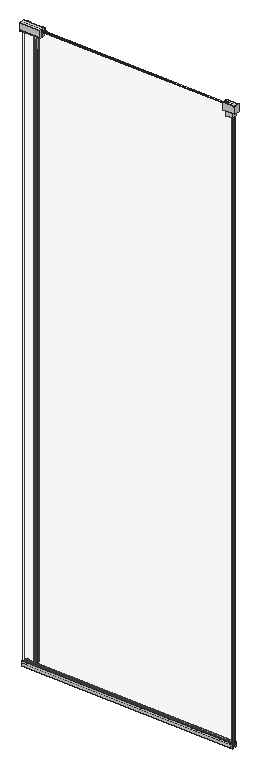
Revit family "Shower-Side_Panel-KOHLER-COMPOSED-1.1922.023_1", category Specialty Equipment, host Face, Revit 2017
Family settings
  Host = Face
  Round Connector Dimension = Use Diameter
  Part Type = Normal
  OmniClass Number = 23.31.17.17
  OmniClass Title = Shower Enclosures
  Cut with Voids When Loaded = No
  Shared = No
  Room Calculation Point = No
Parameters (values of type "Polished Chrome")
  Width [instance] = 28.93701"
  WaterSense Certified = 1 = 0  # no
  URL = "https://www.kohler.co.uk/"
  Type = 1
  Product Page URL = ""
  Product Name = "COMPOSED"  # constant formula
  Product Documentation Link = ""
  Model = "1.1922.023"  # constant formula
  Material = "Premium Metal Construction"  # constant formula
  Master Format 2014 Name = "Shower Doors"  # constant formula
  Master Format 2014 = "10 28 19.16"  # constant formula
  Manufacturer Address = "Cromwell Road, Cheltenham, Gloucestershire. GL52 5EP Registered in England No. 252115"  # constant formula
  Manufacturer = "KOHLER Co."  # constant formula
  Length = 1 87/256"  # constant formula
  Height = 78 189/256"  # constant formula
  Finish = Kohler-Metal-CP-Polished_Chrome
  Environmental Product Declaration = ""
  Description = "SLDG ENCLOSURE SIDE PANEL 760MM"  # constant formula
  Default Elevation = 4"
  Declare Label = ""
  Date Modified = "10/25/2021"  # constant formula
  Date Created = "10/25/2021"  # constant formula
  Copyright = "Copyright KOHLER Co."  # constant formula
  Contact Us = "https://www.kohler.co.uk/support/contact/"
  Assembly Code = "C1030200"
  ADA Compliant = 1 = 0  # no
Reference planes (in)
  plane 1 "Center (Front/Back)": y = 0
  plane 2: z = 0
  plane 3 "Center (Left/Right)": x = 0
  plane 4: x = -14.4685
  plane 5: x = 14.4685
  plane 6: z = 78.73828
  plane 7: z = 78.70079
  plane 8: z = 78.56299
  plane 9: x = -11.79134
  plane 10: x = 14.80082
  plane 11: x = 13.3835
  plane 12: y = 0.65453
  plane 13: y = -0.68532
Dimensions and locks (in)
  "Width": plane 5 to plane 4
  locked: plane 5 to plane 10 at 0.33231
  locked: plane 11 to plane 10 at 1.41732
  "Length": plane 12 to plane 13
  "Height": plane 6 to plane 2
  aligned and locked: plane 2 to host face
  aligned and locked: level to host face
  aligned and locked: plane 4 to nested 1
Automatic sketch dimensions
  host sketch curve to host sketch curve = 96"  (x2)
Nested families (in)
  nested 1: "1.1922.023" at (-14.4685, 0.65453, 0), type "1.1922.023"
Definition of nested family "1.1922.023"
  Parameters (values of type "1.1922.023")
    Width = 28.93701"
    Material = none
  Reference planes (in)
    plane 1 "Center (Front/Back)": y = 0
    plane 2: z = 0
    plane 3 "Center (Left/Right)": x = 0
    plane 4: z = 78.74016
    plane 5: x = 28.93701
    plane 6: y = -0.82874
    plane 7: y = -1.1437
    plane 8: y = -1.375
    plane 9: x = 29.26932
    plane 10: x = 28.09609
    plane 11: x = 27.69452
    plane 12: z = 39.37008
    plane 13: z = 78.56299
    plane 14: x = 2.67717
    plane 15: y = -0.22441
  Forms (in)
    Extrusion 1, solid, material <- "Material", detail levels medium+fine
      sketch origin (0, 0, 0) x (0, 1, 0) y (0, 0, 1)
        loop
          line (-1.22835, 0) -> (-1.1811, 0) -> (-1.1811, 0.05906)
          arc (-1.1811, 0.05906) -> (-1.17534, 0.07297) -> (-1.16142, 0.07874) r 0.01969
          line (-1.16142, 0.07874) -> (-0.74409, 0.07874)
          arc (-0.74409, 0.07874) -> (-0.73018, 0.07297) -> (-0.72441, 0.05906) r 0.01969
          line (-0.72441, 0.05906) -> (-0.72441, 0) -> (-0.67717, 0) -> (-0.67717, 0.58268)
          arc (-0.67717, 0.58268) -> (-0.68293, 0.5966) -> (-0.69685, 0.60236) r 0.01969
          line (-0.69685, 0.60236) -> (-0.76181, 0.60236) -> (-0.76181, 0.55105) -> (-0.72047, 0.55105) -> (-0.72047, 0.15748)
          arc (-0.72047, 0.15748) -> (-0.72624, 0.14356) -> (-0.74016, 0.1378) r 0.01969
          line (-0.74016, 0.1378) -> (-1.16535, 0.1378)
          arc (-1.16535, 0.1378) -> (-1.17927, 0.14356) -> (-1.18504, 0.15748) r 0.01969
          line (-1.18504, 0.15748) -> (-1.18504, 0.55105) -> (-1.1437, 0.55105) -> (-1.1437, 0.60236) -> (-1.20866, 0.60236)
          arc (-1.20866, 0.60236) -> (-1.22258, 0.5966) -> (-1.22835, 0.58268) r 0.01969
          line (-1.22835, 0.58268) -> (-1.22835, 0)
      from 0.20138 to 28.93701
    Extrusion 2, solid
      sketch origin (0, 0, 0) x (0, 1, 0) y (0, 0, 1)
        loop
          line (-1.1437, 78.52362) -> (-1.1437, 0.21654) -> (-1.10433, 0.17717) -> (-0.86811, 0.17717) -> (-0.82874, 0.21654) -> (-0.82874, 78.52362) -> (-0.86811, 78.56299) -> (-1.10433, 78.56299) -> (-1.1437, 78.52362)
      from 0.20138 to 28.93701
    Extrusion 3, solid, material <- "Material"
      sketch origin (0, 0, 0) x (1, 0, 0) y (0, 1, 0)
        loop
          arc (1.33717, -0.3563) -> (1.32101, -0.34919) -> (1.31534, -0.33247) r 0.02191
          line (1.31534, -0.33247) -> (1.3288, -0.17913) -> (1.35968, -0.17913) -> (1.36538, -0.12008) -> (1.31657, -0.12008)
          arc (1.31657, -0.12008) -> (1.30023, -0.12643) -> (1.29245, -0.14214) r 0.02423
          line (1.29245, -0.14214) -> (1.2739, -0.34884) -> (1.2739, -0.53313)
          arc (1.2739, -0.53313) -> (1.45107, -0.7103) -> (1.62823, -0.53313) r 0.17717
          line (1.62823, -0.53313) -> (1.62823, -0.39173) -> (1.66124, -0.39637) -> (1.74708, -0.50566)
          arc (1.74708, -0.50566) -> (1.83214, -0.65782) -> (1.86636, -0.82874) r 0.56077
          line (1.86636, -0.82874) -> (1.90175, -0.82874)
          arc (1.90175, -0.82874) -> (1.8695, -0.64927) -> (1.78158, -0.48953) r 0.56298
          line (1.78158, -0.48953) -> (1.68445, -0.36586) -> (1.66433, -0.14159)
          arc (1.66433, -0.14159) -> (1.65674, -0.12627) -> (1.6408, -0.12008) r 0.02362
          line (1.6408, -0.12008) -> (1.58913, -0.12008) -> (1.59484, -0.17913) -> (1.62803, -0.17913) -> (1.6417, -0.33489)
          arc (1.6417, -0.33489) -> (1.6366, -0.34991) -> (1.62209, -0.3563) r 0.01969
          line (1.62209, -0.3563) -> (1.33717, -0.3563)
        loop
          line (1.29359, -0.39173) -> (1.29359, -0.531)
          arc (1.29359, -0.531) -> (1.45107, -0.68848) -> (1.60855, -0.531) r 0.15748
          line (1.60855, -0.531) -> (1.60855, -0.39173) -> (1.29359, -0.39173)
      from 0.59055 to 77.79528
    Extrusion 4, solid, material <- "Material"
      sketch origin (-29.19584, 0, 0) x (1, 0, 0) y (0, 1, 0)
        loop
          line (57.68169, -0.83993) -> (57.71497, -0.83688) -> (57.71979, -0.80258) -> (57.78198, -0.80258) -> (57.77443, -0.85635) -> (57.81878, -0.7975) -> (57.89994, -0.7975) -> (57.89185, -0.85507) -> (57.94357, -0.79342) -> (58.01658, -0.79342) -> (57.99633, -0.84907) -> (58.03534, -0.80258) -> (58.13284, -0.80258) -> (58.08425, -0.76181) -> (57.88374, -0.76181) -> (57.83255, -0.73794) -> (57.81252, -0.76181) -> (57.71979, -0.76181) -> (57.71979, -0.69284) -> (57.68169, -0.73094) -> (57.68169, -0.83993)
      from 0.60236 to 77.79528
    Extrusion 5, solid, material <- "Material", detail levels medium+fine
      sketch origin (0, 0, 0) x (0, 1, 0) y (0, 0, 1)
        loop
          arc (-1.3376, 77.81496) -> (-1.33183, 77.80104) -> (-1.31791, 77.79528) r 0.01969
          line (-1.31791, 77.79528) -> (-1.1437, 77.79528) -> (-1.1437, 78.56299) -> (-0.82874, 78.56299) -> (-0.82874, 77.79528) -> (-0.67913, 77.79528)
          arc (-0.67913, 77.79528) -> (-0.66521, 77.80104) -> (-0.65945, 77.81496) r 0.01969
          line (-0.65945, 77.81496) -> (-0.65945, 78.74016) -> (-1.3376, 78.74016) -> (-1.3376, 77.81496)
      from 0 to 2.67717
    Extrusion 6, solid, material <- "Material", detail levels medium+fine
      sketch origin (0, 0, 0) x (0, 1, 0) y (0, 0, 1)
        loop
          line (-0.65945, 78.55314) -> (-0.65945, 78.32874) -> (-0.30571, 78.32874) -> (-0.26634, 78.36811) -> (-0.26634, 78.51377) -> (-0.30571, 78.55314) -> (-0.65945, 78.55314)
        loop
          line (-0.65945, 78.25) -> (-0.65945, 78.1122) -> (-0.26378, 78.1122) -> (-0.22441, 78.15157) -> (-0.22441, 78.21062) -> (-0.26378, 78.25) -> (-0.65945, 78.25)
      from 0.20138 to 0.52559
    Extrusion 7, solid, material <- "Material", detail levels medium+fine
      sketch origin (1.84045, 0, 0) x (0, 1, 0) y (0, 0, 1)
        loop
          line (-0.65945, 78.55314) -> (-0.65945, 78.32874) -> (-0.30571, 78.32874) -> (-0.26634, 78.36811) -> (-0.26634, 78.51377) -> (-0.30571, 78.55314) -> (-0.65945, 78.55314)
        loop
          line (-0.65945, 78.25) -> (-0.65945, 78.1122) -> (-0.26378, 78.1122) -> (-0.22441, 78.15157) -> (-0.22441, 78.21062) -> (-0.26378, 78.25) -> (-0.65945, 78.25)
      from 0.42067 to 0.74488
    Extrusion 8, solid, material <- "Material", detail levels medium+fine
      sketch origin (0, 0, 0) x (1, 0, 0) y (0, 0, 1)
        loop
          line (29.22995, 78.74016) -> (27.73389, 78.74016)
          arc (27.73389, 78.74016) -> (27.70605, 78.72863) -> (27.69452, 78.70079) r 0.03937
          line (27.69452, 78.70079) -> (27.69452, 77.79528) -> (28.09609, 77.79528) -> (28.09609, 77.24409)
          arc (28.09609, 77.24409) -> (28.10763, 77.21626) -> (28.13546, 77.20472) r 0.03937
          line (28.13546, 77.20472) -> (28.59586, 77.20472) -> (28.93701, 77.20472) -> (28.93701, 77.79528) -> (29.26932, 77.79528) -> (29.26932, 78.70079)
          arc (29.26932, 78.70079) -> (29.25779, 78.72863) -> (29.22995, 78.74016) r 0.03937
      from 0.58268 to 1.30118
    Extrusion 9, void
      sketch origin (0, 0, 0) x (0, 1, 0) y (0, 0, 1)
        loop
          arc (-0.81484, 78.53543) -> (-0.83214, 78.57719) -> (-0.8739, 78.59449) r 0.05906
          line (-0.8739, 78.59449) -> (-1.09055, 78.59449)
          arc (-1.09055, 78.59449) -> (-1.13231, 78.57719) -> (-1.14961, 78.53543) r 0.05906
          line (-1.14961, 78.53543) -> (-1.14961, 77.79528) -> (-0.81484, 77.79528) -> (-0.81484, 78.53543)
        loop
          line (-1.22099, 77.79528) -> (-1.3376, 77.79528) -> (-1.3376, 77.11594) -> (-1.22099, 77.11594) -> (-1.22099, 77.79528)
        loop
          line (-0.72441, 77.79528) -> (-0.72441, 77.12016) -> (-0.55206, 77.12016) -> (-0.55206, 77.79528) -> (-0.72441, 77.79528)
      from 27.69452 to 28.93701
    Extrusion 10, solid, material <- "Material", detail levels coarse
      sketch origin (0, 0, 0) x (0, 1, 0) y (0, 0, 1)
        loop
          arc (-1.3376, 77.81496) -> (-1.33183, 77.80104) -> (-1.31791, 77.79528) r 0.01969
          line (-1.31791, 77.79528) -> (-1.1437, 77.79528) -> (-1.1437, 78.56299) -> (-0.82874, 78.56299) -> (-0.82874, 77.79528) -> (-0.67913, 77.79528)
          arc (-0.67913, 77.79528) -> (-0.66521, 77.80104) -> (-0.65945, 77.81496) r 0.01969
          line (-0.65945, 77.81496) -> (-0.65945, 78.74016) -> (-1.3376, 78.74016) -> (-1.3376, 77.81496)
      from 0 to 2.67717
    Extrusion 11, solid, material <- "Material", detail levels coarse
      sketch origin (0, 0, 0.03937) x (1, 0, 0) y (0, 0, 1)
        loop
          line (29.22995, 78.70079) -> (27.73389, 78.70079)
          arc (27.73389, 78.70079) -> (27.70605, 78.68926) -> (27.69452, 78.66142) r 0.03937
          line (27.69452, 78.66142) -> (27.69452, 77.75591) -> (28.09609, 77.75591) -> (28.09609, 77.20472)
          arc (28.09609, 77.20472) -> (28.10763, 77.17689) -> (28.13546, 77.16535) r 0.03937
          line (28.13546, 77.16535) -> (28.59586, 77.16535) -> (29.26932, 77.16535) -> (29.26932, 78.66142)
          arc (29.26932, 78.66142) -> (29.25779, 78.68926) -> (29.22995, 78.70079) r 0.03937
      from 0.58268 to 1.30118
    Extrusion 12, solid, material <- "Material", detail levels coarse
      sketch origin (0, 0, 0.03937) x (0, 1, 0) y (0, 0, 1)
        loop
          line (-1.22835, -0.03937) -> (-1.1811, -0.03937) -> (-1.1811, 0.01969)
          arc (-1.1811, 0.01969) -> (-1.17534, 0.0336) -> (-1.16142, 0.03937) r 0.01969
          line (-1.16142, 0.03937) -> (-0.74409, 0.03937)
          arc (-0.74409, 0.03937) -> (-0.73018, 0.0336) -> (-0.72441, 0.01969) r 0.01969
          line (-0.72441, 0.01969) -> (-0.72441, -0.03937) -> (-0.67717, -0.03937) -> (-0.67717, 0.54331)
          arc (-0.67717, 0.54331) -> (-0.68293, 0.55723) -> (-0.69685, 0.56299) r 0.01969
          line (-0.69685, 0.56299) -> (-0.83688, 0.56299) -> (-0.83688, 0.16929) -> (-1.1437, 0.16929) -> (-1.1437, 0.56299) -> (-1.20866, 0.56299)
          arc (-1.20866, 0.56299) -> (-1.22258, 0.55723) -> (-1.22835, 0.54331) r 0.01969
          line (-1.22835, 0.54331) -> (-1.22835, -0.03937)
      from 0.20138 to 28.93701
    Extrusion 13, solid, material <- "Material", detail levels coarse
      sketch origin (0.01342, -0.00211, 0) x (1, 0, 0) y (0, 1, 0)
        loop
          line (0, -1.38287) -> (1.22047, -1.38287) -> (1.22047, -0.66929) -> (1.98819, -0.66929) -> (1.98819, 0) -> (0.01969, 0)
          arc (0.01969, 0) -> (0.00577, -0.00577) -> (0, -0.01969) r 0.01969
          line (0, -0.01969) -> (0, -1.38287)
      from 0 to 0.7874
    Extrusion 14, void
      sketch origin (0, 0, 0) x (1, 0, 0) y (0, 1, 0)
        loop
          line (0.20138, -1.1437) -> (1.66722, -1.1437) -> (1.66722, -0.82874) -> (0.20138, -0.82874) -> (0.20138, -1.1437)
      from 0.17717 to 0.85243
  Cuts and joins
    Extrusion 9 cuts Extrusion 8
    Extrusion 14 cuts Extrusion 13
    Extrusion 9 cuts Extrusion 11
  Lines and regions (in)
    Masking region 1
      outline origin (0, 0, 0) x (1, 0, 0) y (0, 1, 0)
        loop
          line (2.67717, -1.3376) -> (2.67717, -1.26476) -> (27.852, -1.26476) -> (27.852, -1.3376) -> (29.26932, -1.3376) -> (29.26932, -0.58268) -> (27.852, -0.58268) -> (27.852, -0.67717) -> (2.67717, -0.67717) -> (2.67717, -0.64615) -> (2.58533, -0.64615) -> (2.58533, -0.22441) -> (2.26112, -0.22441) -> (2.26112, -0.65945) -> (2.00161, -0.65945) -> (2.00161, -0.01969)
          arc (2.00161, -0.01969) -> (1.99585, -0.00577) -> (1.98193, 0) r 0.01969
          line (1.98193, 0) -> (0, 0) -> (0, -1.1811)
          arc (0, -1.1811) -> (0.05679, -1.31821) -> (0.1939, -1.375) r 0.1939
          line (0.1939, -1.375) -> (1.25681, -1.375) -> (1.25681, -1.3376) -> (2.67717, -1.3376)
    Masking region 2
      outline origin (0, 0, 0) x (1, 0, 0) y (0, 0, 1)
        loop
          line (0, 77.79528) -> (0.20138, 77.79528) -> (0.20138, 0.7874) -> (0, 0.7874) -> (0, 0) -> (28.93701, 0) -> (28.93701, 77.79528) -> (29.26932, 77.79528) -> (29.26932, 78.70079)
          arc (29.26932, 78.70079) -> (29.25779, 78.72863) -> (29.22995, 78.74016) r 0.03937
          line (29.22995, 78.74016) -> (27.89137, 78.74016)
          arc (27.89137, 78.74016) -> (27.86353, 78.72863) -> (27.852, 78.70079) r 0.03937
          line (27.852, 78.70079) -> (27.852, 78.56299) -> (2.67717, 78.56299) -> (2.67717, 78.74016) -> (0, 78.74016) -> (0, 77.79528)
    Masking region 3
      outline origin (0, 0, 0) x (0, 1, 0) y (0, 0, 1)
        loop
          line (-1.3376, 77.79528) -> (-1.22099, 77.79528) -> (-1.22099, 77.20472) -> (-1.1437, 77.20472) -> (-1.1437, 0.7874) -> (-1.375, 0.7874) -> (-1.375, 0) -> (0, 0) -> (0, 0.7874) -> (-0.12008, 0.7874) -> (-0.12008, 77.79528) -> (-0.58268, 77.79528) -> (-0.58268, 78.1122) -> (-0.26378, 78.1122) -> (-0.22441, 78.15157) -> (-0.22441, 78.21062) -> (-0.26378, 78.25) -> (-0.58268, 78.25) -> (-0.58268, 78.32874) -> (-0.30571, 78.32874) -> (-0.26634, 78.36811) -> (-0.26634, 78.51377) -> (-0.30571, 78.55314) -> (-0.58268, 78.55314) -> (-0.58268, 78.74016) -> (-1.3376, 78.74016) -> (-1.3376, 77.79528)
    symbolic lines, detail levels medium+fine
      curve 1: line (27.852, -0.67717, 0) -> (27.852, -1.26476, 0)
      curve 2: line (1.31534, -0.33247, 0) -> (1.3288, -0.17913, 0)
      curve 3: line (1.3288, -0.17913, 0) -> (1.35968, -0.17913, 0)
      curve 4: line (1.35968, -0.17913, 0) -> (1.36538, -0.12008, 0)
      curve 5: line (1.36538, -0.12008, 0) -> (1.31657, -0.12008, 0)
      curve 6: arc (1.31657, -0.12008, 0) -> (1.30023, -0.12643, 0) -> (1.29245, -0.14214, 0) r 0.02423
      curve 7: line (1.29245, -0.14214, 0) -> (1.2739, -0.34884, 0)
      curve 8: line (1.2739, -0.34884, 0) -> (1.2739, -0.53313, 0)
      curve 9: arc (1.2739, -0.53313, 0) -> (1.28767, -0.60161, 0) -> (1.32684, -0.65945, 0) r 0.17717
      curve 10: line (1.62823, -0.53313, 0) -> (1.62823, -0.39173, 0)
      curve 11: line (1.62823, -0.39173, 0) -> (1.66124, -0.39637, 0)
      curve 12: line (1.66124, -0.39637, 0) -> (1.74708, -0.50566, 0)
      curve 13: arc (1.74708, -0.50566, 0) -> (1.79403, -0.5757, 0) -> (1.82995, -0.65198, 0) r 0.56077
      curve 14: arc (1.82995, -0.56203, 0) -> (1.80717, -0.52484, 0) -> (1.78158, -0.48953, 0) r 0.56298
      curve 15: line (1.78158, -0.48953, 0) -> (1.68445, -0.36586, 0)
      curve 16: line (1.68445, -0.36586, 0) -> (1.66433, -0.14159, 0)
      curve 17: arc (1.66433, -0.14159, 0) -> (1.65674, -0.12627, 0) -> (1.6408, -0.12008, 0) r 0.02362
      curve 18: line (1.6408, -0.12008, 0) -> (1.58913, -0.12008, 0)
      curve 19: line (1.58913, -0.12008, 0) -> (1.59484, -0.17913, 0)
      curve 20: line (1.59484, -0.17913, 0) -> (1.62803, -0.17913, 0)
      curve 21: line (1.62803, -0.17913, 0) -> (1.6417, -0.33489, 0)
      curve 22: arc (1.6417, -0.33489, 0) -> (1.6366, -0.34991, 0) -> (1.62209, -0.3563, 0) r 0.01969
      curve 23: line (1.62209, -0.3563, 0) -> (1.33717, -0.3563, 0)
      curve 24: arc (1.33717, -0.3563, 0) -> (1.32101, -0.34919, 0) -> (1.31534, -0.33247, 0) r 0.02191
      curve 25: line (1.29359, -0.39173, 0) -> (1.60855, -0.39173, 0)
      curve 26: line (1.60855, -0.39173, 0) -> (1.60855, -0.531, 0)
      curve 27: arc (1.60855, -0.531, 0) -> (1.59097, -0.60329, 0) -> (1.54217, -0.65945, 0) r 0.15748
      curve 28: line (1.29359, -0.531, 0) -> (1.29359, -0.39173, 0)
      curve 29: line (2.67717, -0.65945, 0) -> (1.35996, -0.65945, 0)
      curve 30: line (0.52559, -0.65945, 0) -> (0.52559, -0.22441, 0)
      curve 31: line (0.20138, -0.22441, 0) -> (0.20138, -0.65945, 0)
      curve 32: line (0.52559, -0.22441, 0) -> (0.20138, -0.22441, 0)
      curve 33: line (1.35996, -0.65945, 0) -> (0, -0.65945, 0)
      curve 34: arc (1.35996, -0.65945, 0) -> (1.31116, -0.60329, 0) -> (1.29359, -0.531, 0) r 0.15748
      curve 35: arc (1.57529, -0.65945, 0) -> (1.61446, -0.60161, 0) -> (1.62823, -0.53313, 0) r 0.17717
      curve 36: line (2.67717, -0.65945, 0) -> (2.67717, -1.3376, 0)
      curve 37: line (2.67717, -1.1811, 0) -> (2.606, -1.1811, 0)
      curve 38: line (2.606, -0.67717, 0) -> (2.606, -1.1811, 0)
      curve 39: line (0.20138, -0.67717, 0) -> (0.20138, -1.1811, 0)
      curve 40: line (0.20138, -0.67717, 0) -> (2.606, -0.67717, 0)
      curve 41: line (0.20138, -1.1811, 0) -> (0.10734, -1.1811, 0)
      curve 42: line (0.10734, -1.1811, 0) -> (0.10734, -1.3376, 0)
      curve 43: line (0.20138, -0.26329, 0) -> (0.52559, -0.26329, 0)
      curve 44: line (2.26112, -0.26575, 0) -> (2.58533, -0.26575, 0)
      curve 45: line (1.22047, 0, 0) -> (1.22047, -0.65945, 0)
      curve 46: line (1.82995, 0, 0) -> (1.82995, -0.65945, 0)
      curve 47: line (1.25681, -1.3376, 0) -> (0.10734, -1.3376, 0)
      curve 48: line (0.86298, -0.7874, 0) -> (1.75819, -0.7874, 0)
      curve 49: line (1.75819, -0.7874, 0) -> (1.75819, -0.67717, 0)
      curve 50: line (0.86298, -0.7874, 0) -> (0.86298, -0.67717, 0)
      curve 51: line (0.20138, 0, 0.7874) -> (28.93701, 0, 0.7874)
      curve 52: line (0.20138, 0, 77.79528) -> (2.67717, 0, 77.79528)
      curve 53: line (2.67717, 0, 78.56299) -> (2.67717, 0, 77.79528)
      curve 54: line (28.13553, 0, 77.20472) -> (28.93701, 0, 77.20472)
      curve 55: line (28.93701, 0, 77.20472) -> (28.93701, 0, 77.79528)
      curve 56: line (28.09609, 0, 77.79528) -> (28.09609, 0, 77.24416)
      curve 57: arc (28.09609, 0, 77.24416) -> (28.10765, 0, 77.21628) -> (28.13553, 0, 77.20472) r 0.03944
      curve 58: line (28.09609, 0, 77.79528) -> (27.852, 0, 77.79528)
      curve 59: line (27.852, 0, 77.79528) -> (27.852, 0, 78.56299)
      curve 60: line (0, -0.12008, 0.7874) -> (0, -1.18898, 0.7874)
      curve 61: line (0, -0.34884, 0.7874) -> (0, -0.34884, 77.79528)
      curve 62: line (0, -0.65945, 77.81496) -> (0, -0.65945, 78.74016)
      curve 63: arc (0, -0.67913, 77.79528) -> (0, -0.66521, 77.80104) -> (0, -0.65945, 77.81496) r 0.01969
      curve 64: line (0, -0.82874, 77.79528) -> (0, -0.58268, 77.79528)
      curve 65: line (0, -0.65945, 78.74016) -> (0, -1.3376, 78.74016)
      curve 66: line (0, -0.58268, 78.55314) -> (0, -0.65945, 78.55314)
      curve 67: line (0, -0.58268, 78.32874) -> (0, -0.65945, 78.32874)
      curve 68: line (0, -0.58268, 78.1122) -> (0, -0.65945, 78.1122)
      curve 69: line (0, -0.58268, 78.25) -> (0, -0.65945, 78.25)
      curve 70: line (0, -1.22099, 77.79528) -> (0, -1.1437, 77.79528)
      curve 71: line (0, -1.1437, 78.52362) -> (0, -1.10433, 78.56299)
      curve 72: line (0, -1.10433, 78.56299) -> (0, -0.86811, 78.56299)
      curve 73: line (0, -0.86811, 78.56299) -> (0, -0.82874, 78.52362)
      curve 74: line (0, -0.82874, 78.52362) -> (0, -0.82874, 0.7874)
      curve 75: line (0, -1.1437, 77.20472) -> (0, -1.1437, 78.52362)
      curve 76: line (0, -0.70571, 77.79528) -> (0, -0.70571, 0.7874)
      curve 77: line (0, -0.50886, 0.7874) -> (0, -0.50886, 77.79626)
      curve 78: line (0, -0.26634, 78.51377) -> (0, -0.65945, 78.51377)
      curve 79: line (0, -0.26634, 78.36811) -> (0, -0.65945, 78.36811)
      curve 80: line (0, -0.22441, 78.21062) -> (0, -0.65945, 78.21062)
      curve 81: line (0, -0.22441, 78.15157) -> (0, -0.65945, 78.15157)
      curve 82: line (0, -0.79342, 77.79528) -> (0, -0.79342, 78.54946)
      curve 83: line (0, -0.83279, 78.58883) -> (0, -1.13965, 78.58883)
      curve 84: line (0, -1.17902, 77.79528) -> (0, -1.17902, 78.54946)
      curve 85: arc (0, -1.17902, 78.54946) -> (0, -1.16749, 78.5773) -> (0, -1.13965, 78.58883) r 0.03937
      curve 86: arc (0, -0.79342, 78.54946) -> (0, -0.80495, 78.5773) -> (0, -0.83279, 78.58883) r 0.03937
      curve 87: line (2.00161, 0, 0.7874) -> (2.00161, 0, 0)
      curve 88: line (2.67717, -0.76181, 0) -> (27.852, -0.76181, 0)
      curve 89: line (2.67717, -0.86811, 0) -> (27.852, -0.86811, 0)
      curve 90: line (27.852, -0.83688, 0) -> (2.67717, -0.83688, 0)
      curve 91: line (2.67717, -1.10433, 0) -> (27.852, -1.10433, 0)
      curve 92: line (2.67717, -1.13655, 0) -> (27.852, -1.13655, 0)
  Dimensions and locks (in)
    plane 6 to plane 7 = 0.31496"
    plane 1 "Center (Front/Back)" to plane 8 = 1 3/8"  (x2)
    Extrusion 10 to plane 14 = 0"
    "Width": plane 5 to plane 3 "Center (Left/Right)"
    locked: plane 9 to plane 5 at 0.33231
    locked: plane 5 to plane 11 at 1.24249
    locked: plane 5 to plane 10 at 0.84091
    plane 11 to plane 9 = 1.5748"
    aligned and locked: level to plane 2
    aligned and locked: plane 5 to Extrusion 9
    aligned and locked: plane 11 to Extrusion 9
    aligned and locked: plane 5 to Extrusion 4
    aligned and locked: plane 5 to Extrusion 2
    aligned and locked: plane 5 to Extrusion 1
    aligned and locked: plane 11 to cut or joined group of Extrusion 8, Extrusion 9
    aligned and locked: plane 10 to cut or joined group of Extrusion 8, Extrusion 9
    aligned and locked: plane 5 to Extrusion 12
    aligned and locked: Masking region 1 to curve 1
  Automatic sketch dimensions
    curve 65 to plane 4 = 0"
    curve 75 to plane 7 = 0"
    curve 71 to plane 13 = 0"
    curve 74 to plane 6 = 0"
    curve 80 to plane 15 = 0"
    curve 81 to plane 15 = 0"
    curve 84 to plane 13 = 0.01353"
    plane 7 to curve 84 = 0.03532"
    curve 85 to plane 7 = 0.00405"
    curve 85 to curve 71 = 0.03532"
    curve 73 to plane 6 = 0.03937"
    curve 83 to plane 6 = 0.00405"
    curve 82 to plane 13 = 0.01353"
    curve 82 to curve 63 = 0.11429"
    plane 6 to curve 65 = 0.16929"
    curve 71 to curve 85 = 0.02584"
    curve 73 to curve 86 = 0.02584"
    curve 62 to curve 73 = 0.70866"
    plane 7 to curve 60 = 0.04528"
    curve 70 to curve 84 = 0.04197"
    plane 8 to curve 65 = 0.0374"
    plane 6 to curve 76 = 0.12303"
    curve 66 to plane 13 = 0.00985"
    curve 66 to curve 66 = 0.07676"
    curve 68 to curve 68 = 0.07676"
    curve 67 to curve 67 = 0.07676"
    curve 69 to curve 69 = 0.07676"
    curve 62 to curve 64 = 0.07676"
    curve 76 to curve 77 = 0.19685"
    curve 61 to plane 15 = 0.12443"
    curve 79 to plane 15 = 0.04193"
    curve 78 to plane 15 = 0.04193"
    plane 15 to curve 60 = 0.10433"
    curve 78 to plane 13 = 0.04922"
    curve 79 to curve 78 = 0.14567"
    curve 67 to curve 79 = 0.03937"
    curve 69 to curve 67 = 0.07874"
    curve 80 to curve 69 = 0.03937"
    curve 81 to curve 80 = 0.05906"
    curve 68 to curve 81 = 0.03937"
    curve 64 to curve 77 = 0.00098"
    curve 61 to curve 77 = 0.00098"
    curve 70 to curve 64 = 0"
    curve 75 to curve 70 = 0.59055"
    level to curve 74 = 0.7874"
    curve 87 to level = 0"
    curve 53 to plane 14 = 0"
    curve 58 to plane 11 = 0.15748"
    plane 10 to curve 58 = 0"
    curve 54 to plane 5 = 0"
    curve 51 to plane 5 = 0"
    curve 53 to plane 13 = 0"
    curve 59 to plane 13 = 0"
    curve 57 to plane 10 = 0.03944"
    curve 55 to plane 13 = 1.35827"
    curve 56 to curve 56 = 0.55111"
    curve 53 to plane 13 = 0.76772"
    curve 87 to plane 14 = 0.67555"
    plane 3 "Center (Left/Right)" to curve 51 = 0.20138"
    plane 3 "Center (Left/Right)" to curve 52 = 0.20138"
    level to curve 51 = 0.7874"
    curve 54 to curve 55 = 0.59055"
    Extrusion 1 sketch curve to level = 0"  (x2)
    Extrusion 1 sketch curve to plane 7 = 0"
    plane 7 to Extrusion 1 sketch curve = 0.01772"
    plane 7 to Extrusion 1 sketch curve = 0.02165"
    plane 7 to Extrusion 1 sketch curve = 0.0374"
    Extrusion 1 sketch curve to Extrusion 1 sketch curve = 0.04134"  (x2)
    Extrusion 1 sketch curve to Extrusion 1 sketch curve = 0.02362"  (x2)
    Extrusion 1 sketch curve to Extrusion 1 sketch curve = 0.04724"  (x2)
    plane 6 to Extrusion 1 sketch curve = 0.06693"
    plane 6 to Extrusion 1 sketch curve = 0.08465"
    Extrusion 1 sketch curve to Extrusion 1 sketch curve = 0.00394"
    Extrusion 1 sketch curve to Extrusion 1 sketch curve = 0.01969"
    level to Extrusion 1 sketch curve = 0.05906"
    Extrusion 1 sketch curve to Extrusion 1 sketch curve = 0.05906"
    Extrusion 1 sketch curve to Extrusion 1 sketch curve = 0.39357"
    Extrusion 1 sketch curve to Extrusion 1 sketch curve = 0"
    Extrusion 1 sketch curve to Extrusion 1 sketch curve = 0.03163"  (x2)
    Extrusion 2 sketch curve to plane 7 = 0"
    Extrusion 2 sketch curve to plane 13 = 0"
    Extrusion 2 sketch curve to plane 6 = 0"
    Extrusion 2 sketch curve to plane 7 = 0.03937"  (x2)
    Extrusion 2 sketch curve to plane 6 = 0.03937"  (x2)
    Extrusion 2 sketch curve to plane 13 = 0.03937"  (x2)
    level to Extrusion 2 sketch curve = 0.21654"  (x2)
    Extrusion 2 sketch curve to Extrusion 2 sketch curve = 0.03937"
    Extrusion 3 sketch curve to plane 6 = 0"
    Extrusion 3 sketch curve to plane 15 = 0.12443"
    plane 3 "Center (Left/Right)" to Extrusion 3 sketch curve = 1.2739"
    plane 15 to Extrusion 3 sketch curve = 0.08227"
    Extrusion 3 sketch curve to Extrusion 3 sketch curve = 0.01855"
    Extrusion 3 sketch curve to Extrusion 3 sketch curve = 0.01969"
    Extrusion 3 sketch curve to plane 6 = 0.02329"
    Extrusion 3 sketch curve to Extrusion 3 sketch curve = 0.03217"
    Extrusion 3 sketch curve to plane 15 = 0.10806"
    Extrusion 3 sketch curve to Extrusion 3 sketch curve = 0.04144"
    Extrusion 3 sketch curve to Extrusion 3 sketch curve = 0.02413"
    Extrusion 3 sketch curve to Extrusion 3 sketch curve = 0.01222"
    Extrusion 3 sketch curve to Extrusion 3 sketch curve = 0.02183"
    Extrusion 3 sketch curve to plane 6 = 0.00853"
    Extrusion 3 sketch curve to Extrusion 3 sketch curve = 0.03276"
    Extrusion 3 sketch curve to Extrusion 3 sketch curve = 0.03088"
    plane 15 to Extrusion 3 sketch curve = 0.10433"  (x2)
    Extrusion 3 sketch curve to Extrusion 3 sketch curve = 0.04881"
    Extrusion 3 sketch curve to Extrusion 3 sketch curve = 0.15748"
    Extrusion 3 sketch curve to Extrusion 3 sketch curve = 0"  (x2)
    Extrusion 3 sketch curve to Extrusion 3 sketch curve = 0.22375"
    Extrusion 3 sketch curve to Extrusion 3 sketch curve = 0.00571"
    Extrusion 3 sketch curve to Extrusion 3 sketch curve = 0.00615"
    plane 15 to Extrusion 3 sketch curve = 0.04528"  (x2)
    Extrusion 3 sketch curve to Extrusion 3 sketch curve = 0.03319"
    Extrusion 3 sketch curve to Extrusion 3 sketch curve = 0.01277"
    Extrusion 3 sketch curve to plane 15 = 0.11048"
    Extrusion 3 sketch curve to Extrusion 3 sketch curve = 0.01961"
    Extrusion 3 sketch curve to plane 15 = 0.17196"
    Extrusion 3 sketch curve to Extrusion 3 sketch curve = 0.03301"
    plane 15 to Extrusion 3 sketch curve = 0.08282"
    Extrusion 3 sketch curve to Extrusion 3 sketch curve = 0.02353"
    Extrusion 3 sketch curve to plane 15 = 0.14145"
    Extrusion 3 sketch curve to Extrusion 3 sketch curve = 0.0232"
    Extrusion 3 sketch curve to plane 15 = 9/32"
    Extrusion 3 sketch curve to Extrusion 3 sketch curve = 0.11885"
    Extrusion 3 sketch curve to plane 15 = 0.26512"
    Extrusion 3 sketch curve to Extrusion 3 sketch curve = 0.0345"
    Extrusion 3 sketch curve to Extrusion 3 sketch curve = 0.20066"
    Extrusion 3 sketch curve to Extrusion 3 sketch curve = 0.00213"
    Extrusion 3 sketch curve to Extrusion 3 sketch curve = 0.04289"
    Extrusion 3 sketch curve to Extrusion 3 sketch curve = 0.02141"
    Extrusion 4 sketch curve to plane 5 = 0"
    Extrusion 4 sketch curve to plane 5 = 0.04859"
    plane 6 to Extrusion 4 sketch curve = 0.02616"  (x2)
    Extrusion 4 sketch curve to Extrusion 4 sketch curve = 0.04892"
    plane 6 to Extrusion 4 sketch curve = 0.03532"
    Extrusion 4 sketch curve to Extrusion 4 sketch curve = 0.01875"
    Extrusion 4 sketch curve to plane 6 = 0.02033"
    Extrusion 4 sketch curve to Extrusion 4 sketch curve = 0.02025"
    Extrusion 4 sketch curve to Extrusion 4 sketch curve = 0.07301"
    Extrusion 4 sketch curve to Extrusion 4 sketch curve = 0.04363"
    Extrusion 4 sketch curve to plane 6 = 0.02633"
    Extrusion 4 sketch curve to Extrusion 4 sketch curve = 0.00809"
    Extrusion 4 sketch curve to Extrusion 4 sketch curve = 0.0162"
    plane 6 to Extrusion 4 sketch curve = 0.0908"
    Extrusion 4 sketch curve to Extrusion 4 sketch curve = 0.05119"
    plane 6 to Extrusion 4 sketch curve = 1/32"
    Extrusion 4 sketch curve to Extrusion 4 sketch curve = 0.01377"
    Extrusion 4 sketch curve to Extrusion 4 sketch curve = 0.02003"
    Extrusion 4 sketch curve to Extrusion 4 sketch curve = 0.03679"
    Extrusion 4 sketch curve to plane 6 = 0.02761"
    Extrusion 4 sketch curve to Extrusion 4 sketch curve = 0.00756"
    Extrusion 4 sketch curve to Extrusion 4 sketch curve = 0.06219"
    Extrusion 4 sketch curve to Extrusion 4 sketch curve = 0"
    Extrusion 4 sketch curve to plane 6 = 0.00814"
    Extrusion 4 sketch curve to Extrusion 4 sketch curve = 0.00482"
    Extrusion 4 sketch curve to plane 6 = 0.01119"
    Extrusion 4 sketch curve to Extrusion 4 sketch curve = 0.03328"
    Extrusion 4 sketch curve to Extrusion 4 sketch curve = 0.04077"
    Extrusion 4 sketch curve to Extrusion 4 sketch curve = 0.02387"
    Extrusion 4 sketch curve to Extrusion 4 sketch curve = 0.03087"
    Extrusion 4 sketch curve to Extrusion 4 sketch curve = 0.0381"
    Extrusion 5 sketch curve to plane 4 = 0"
    Extrusion 5 sketch curve to plane 7 = 0"
    Extrusion 5 sketch curve to plane 6 = 0"
    Extrusion 5 sketch curve to plane 13 = 0"
    plane 8 to Extrusion 5 sketch curve = 0.05709"
    Extrusion 5 sketch curve to Extrusion 5 sketch curve = 0.01969"  (x3)
    plane 6 to Extrusion 5 sketch curve = 0.14961"
    Extrusion 5 sketch curve to plane 13 = 0.74803"
    Extrusion 6 sketch curve to plane 15 = 0"
    Extrusion 6 sketch curve to plane 15 = 0.03937"  (x2)
    Extrusion 6 sketch curve to plane 15 = 0.04193"
    Extrusion 6 sketch curve to Extrusion 6 sketch curve = 0.03937"  (x5)
    Extrusion 6 sketch curve to plane 13 = 0.00985"
    plane 6 to Extrusion 6 sketch curve = 0.16929"
    Extrusion 6 sketch curve to Extrusion 6 sketch curve = 0"
    Extrusion 6 sketch curve to plane 13 = 0.04922"
    Extrusion 6 sketch curve to Extrusion 6 sketch curve = 0.14567"
    Extrusion 6 sketch curve to Extrusion 6 sketch curve = 0.07874"
    Extrusion 6 sketch curve to Extrusion 6 sketch curve = 0.05906"
    Extrusion 7 sketch curve to plane 15 = 0"
    Extrusion 7 sketch curve to plane 15 = 0.03937"  (x2)
    Extrusion 7 sketch curve to plane 15 = 0.04193"
    Extrusion 7 sketch curve to Extrusion 7 sketch curve = 0.03937"  (x5)
    Extrusion 7 sketch curve to plane 13 = 0.00985"
    plane 6 to Extrusion 7 sketch curve = 0.16929"
    Extrusion 7 sketch curve to Extrusion 7 sketch curve = 0"
    Extrusion 7 sketch curve to plane 13 = 0.04922"
    Extrusion 7 sketch curve to Extrusion 7 sketch curve = 0.14567"
    Extrusion 7 sketch curve to Extrusion 7 sketch curve = 0.07874"
    Extrusion 7 sketch curve to Extrusion 7 sketch curve = 0.05906"
    plane 11 to Extrusion 8 sketch curve = 0"
    Extrusion 8 sketch curve to plane 4 = 0"
    plane 10 to Extrusion 8 sketch curve = 0"
    Extrusion 8 sketch curve to plane 5 = 0"
    Extrusion 8 sketch curve to plane 9 = 0"
    Extrusion 8 sketch curve to plane 4 = 0.03937"  (x2)
    Extrusion 8 sketch curve to plane 10 = 0.03937"
    Extrusion 8 sketch curve to plane 5 = 0.34115"
    Extrusion 8 sketch curve to plane 13 = 0.76772"  (x2)
    Extrusion 8 sketch curve to Extrusion 8 sketch curve = 0.55118"
    plane 8 to Extrusion 9 sketch curve = 0.0374"
    plane 7 to Extrusion 9 sketch curve = 0.07729"
    plane 7 to Extrusion 9 sketch curve = 0.00591"
    plane 13 to Extrusion 9 sketch curve = 0.0315"
    Extrusion 9 sketch curve to plane 7 = 0.05315"
    Extrusion 9 sketch curve to plane 6 = 0.04516"
    plane 6 to Extrusion 9 sketch curve = 0.0139"
    Extrusion 9 sketch curve to Extrusion 9 sketch curve = 0.09043"
    Extrusion 9 sketch curve to Extrusion 9 sketch curve = 0.17235"
    Extrusion 9 sketch curve to Extrusion 9 sketch curve = 0.74016"
    Extrusion 9 sketch curve to Extrusion 9 sketch curve = 0"  (x2)
    Extrusion 9 sketch curve to Extrusion 9 sketch curve = 0.67512"
    Extrusion 9 sketch curve to Extrusion 9 sketch curve = 0.00422"
    plane 1 "Center (Front/Back)" to Masking region 1 sketch curve = 0"
    Masking region 1 sketch curve to plane 3 "Center (Left/Right)" = 0"
    Masking region 1 sketch curve to plane 8 = 0"
    Masking region 1 sketch curve to plane 15 = 0"
    Masking region 1 sketch curve to plane 14 = 0"  (x2)
    Masking region 1 sketch curve to plane 11 = 0.15748"  (x2)
    Masking region 1 sketch curve to plane 9 = 0"
    plane 7 to Masking region 1 sketch curve = 0.0374"
    Masking region 1 sketch curve to Masking region 1 sketch curve = 1.06291"
    Masking region 1 sketch curve to plane 14 = 0.69524"
    plane 6 to Masking region 1 sketch curve = 0.16929"
    Masking region 1 sketch curve to Masking region 1 sketch curve = 0.01969"
    Masking region 1 sketch curve to Masking region 1 sketch curve = 0.25951"
    Masking region 1 sketch curve to plane 14 = 0.09183"
    plane 8 to Masking region 1 sketch curve = 0.0374"
    Masking region 1 sketch curve to Masking region 1 sketch curve = 0.0374"
    Masking region 1 sketch curve to Masking region 1 sketch curve = 0.07283"
    plane 6 to Masking region 1 sketch curve = 0.15157"
    Masking region 1 sketch curve to Masking region 1 sketch curve = 0.03102"
    Masking region 1 sketch curve to Masking region 1 sketch curve = 0.09448"
    Masking region 2 sketch curve to plane 3 "Center (Left/Right)" = 0"  (x2)
    Masking region 2 sketch curve to level = 0"
    Masking region 2 sketch curve to plane 4 = 0"  (x2)
    Masking region 2 sketch curve to plane 14 = 0"
    Masking region 2 sketch curve to plane 11 = 0.15748"
    Masking region 2 sketch curve to plane 5 = 0"
    Masking region 2 sketch curve to plane 9 = 0"
    Masking region 2 sketch curve to plane 13 = 0"
    plane 3 "Center (Left/Right)" to Masking region 2 sketch curve = 0.20138"
    Masking region 2 sketch curve to plane 11 = 0.19685"
    Masking region 2 sketch curve to plane 4 = 0.03937"
    level to Masking region 2 sketch curve = 0.7874"
    Masking region 2 sketch curve to plane 13 = 0.76772"  (x2)
    Masking region 3 sketch curve to level = 0"
    Masking region 3 sketch curve to plane 8 = 0"
    Masking region 3 sketch curve to plane 4 = 0"
    Masking region 3 sketch curve to plane 7 = 0"
    Masking region 3 sketch curve to plane 15 = 0"
    Masking region 3 sketch curve to plane 1 "Center (Front/Back)" = 0"
    plane 8 to Masking region 3 sketch curve = 0.0374"
    plane 7 to Masking region 3 sketch curve = 0.07729"
    plane 6 to Masking region 3 sketch curve = 0.24606"  (x2)
    Masking region 3 sketch curve to Masking region 3 sketch curve = 0"
    Masking region 3 sketch curve to plane 15 = 0.0813"  (x2)
    Masking region 3 sketch curve to plane 13 = 0.00985"
    Masking region 3 sketch curve to plane 15 = 0.04193"
    Masking region 3 sketch curve to plane 15 = 0.03937"  (x2)
    plane 15 to Masking region 3 sketch curve = 0.10433"
    level to Masking region 3 sketch curve = 0.7874"  (x2)
    Masking region 3 sketch curve to plane 13 = 1.35827"
    Masking region 3 sketch curve to Masking region 3 sketch curve = 0.59055"
    Masking region 3 sketch curve to plane 13 = 0.76772"
    Masking region 3 sketch curve to Masking region 3 sketch curve = 0.31692"
    Masking region 3 sketch curve to Masking region 3 sketch curve = 0.03937"  (x2)
    Masking region 3 sketch curve to Masking region 3 sketch curve = 0.05906"
    Masking region 3 sketch curve to Masking region 3 sketch curve = 0.1378"
    Masking region 3 sketch curve to Masking region 3 sketch curve = 0.07874"
    Masking region 3 sketch curve to plane 13 = 0.04922"
    Extrusion 10 sketch curve to plane 4 = 0"
    Extrusion 10 sketch curve to plane 7 = 0"
    Extrusion 10 sketch curve to plane 6 = 0"
    Extrusion 10 sketch curve to plane 13 = 0"
    plane 8 to Extrusion 10 sketch curve = 0.05709"
    Extrusion 10 sketch curve to Extrusion 10 sketch curve = 0.01969"  (x3)
    plane 6 to Extrusion 10 sketch curve = 0.14961"
    Extrusion 10 sketch curve to plane 13 = 0.74803"
    plane 11 to Extrusion 11 sketch curve = 0"
    Extrusion 11 sketch curve to plane 4 = 0"
    plane 10 to Extrusion 11 sketch curve = 0"
    Extrusion 11 sketch curve to plane 9 = 0"
    Extrusion 11 sketch curve to plane 4 = 0.03937"  (x2)
    Extrusion 11 sketch curve to plane 10 = 0.03937"
    Extrusion 11 sketch curve to plane 5 = 0.34115"
    Extrusion 11 sketch curve to plane 13 = 0.76772"
    Extrusion 11 sketch curve to Extrusion 11 sketch curve = 0.55118"
    Extrusion 12 sketch curve to level = 0"  (x2)
    Extrusion 12 sketch curve to plane 7 = 0"
    plane 7 to Extrusion 12 sketch curve = 0.01772"
    plane 7 to Extrusion 12 sketch curve = 0.0374"
    Extrusion 12 sketch curve to Extrusion 12 sketch curve = 0.06496"
    Extrusion 12 sketch curve to Extrusion 12 sketch curve = 0.04724"
    Extrusion 12 sketch curve to plane 6 = 0.00814"
    plane 6 to Extrusion 12 sketch curve = 0.08465"
    Extrusion 12 sketch curve to Extrusion 12 sketch curve = 0.01969"  (x2)
    plane 6 to Extrusion 12 sketch curve = 0.13189"
    level to Extrusion 12 sketch curve = 0.05906"
    Extrusion 12 sketch curve to Extrusion 12 sketch curve = 0.12992"
    Extrusion 12 sketch curve to Extrusion 12 sketch curve = 0.37402"  (x2)
    plane 3 "Center (Left/Right)" to Extrusion 13 sketch curve = 0.01342"
    Extrusion 13 sketch curve to Extrusion 13 sketch curve = 0.01969"
    plane 6 to Extrusion 13 sketch curve = 0.15734"
    plane 3 "Center (Left/Right)" to Extrusion 13 sketch curve = 1.23389"
    Extrusion 13 sketch curve to plane 14 = 0.67555"
    Extrusion 13 sketch curve to plane 8 = 0.00999"
    plane 1 "Center (Front/Back)" to Extrusion 13 sketch curve = 0.0218"
    Extrusion 14 sketch curve to plane 6 = 0"
    plane 7 to Extrusion 14 sketch curve = 0"
    plane 3 "Center (Left/Right)" to Extrusion 14 sketch curve = 0.20138"
    Extrusion 14 sketch curve to plane 14 = 1.00994"
    curve 9 to curve 35 = 0"  (x2)
    curve 27 to curve 34 = 0"  (x2)
    curve 33 to plane 3 "Center (Left/Right)" = 0"
    curve 31 to plane 15 = 0"
    plane 1 "Center (Front/Back)" to curve 45 = 0"
    plane 1 "Center (Front/Back)" to curve 46 = 0"
    curve 36 to plane 14 = 0"
    curve 90 to plane 11 = 0.15748"
    plane 7 to curve 42 = 0.0374"
    plane 3 "Center (Left/Right)" to curve 42 = 0.10734"
    plane 3 "Center (Left/Right)" to curve 31 = 0.20138"
    curve 39 to curve 31 = 0"
    curve 31 to curve 30 = 83/256"
    plane 6 to curve 48 = 0.04134"
    curve 30 to curve 48 = 0.33739"
    curve 7 to plane 15 = 0.12443"
    curve 50 to curve 7 = 0.41092"
    plane 15 to curve 7 = 0.08227"
    curve 7 to curve 7 = 0.01855"
    curve 7 to curve 28 = 0.01969"
    curve 13 to plane 6 = 0.02329"
    curve 9 to curve 13 = 0.03217"
    curve 2 to plane 15 = 0.10806"
    curve 7 to curve 2 = 0.04144"
    curve 6 to curve 5 = 0.02413"
    curve 6 to curve 3 = 0.01222"
    curve 2 to curve 23 = 0.02183"
    curve 14 to plane 6 = 0.00853"
    curve 13 to curve 14 = 0.03276"
    curve 2 to curve 3 = 0.03088"
    curve 34 to curve 33 = 0.06637"
    curve 5 to curve 5 = 0.04881"
    curve 33 to curve 9 = 0.09111"
    curve 34 to curve 9 = 0"
    plane 15 to curve 18 = 0.10433"
    curve 4 to curve 18 = 0.22375"
    curve 18 to curve 20 = 0.00571"
    curve 27 to curve 26 = 0.15748"
    curve 25 to curve 23 = 0.01354"
    plane 15 to curve 21 = 0.04528"
    curve 19 to curve 21 = 0.03319"
    curve 11 to plane 15 = 0.16732"
    curve 25 to curve 11 = 0.01969"
    curve 18 to curve 18 = 0.05167"
    curve 21 to plane 15 = 0.11048"
    curve 22 to curve 21 = 0.01961"
    curve 11 to plane 15 = 0.17196"
    curve 10 to curve 11 = 0.03301"
    plane 15 to curve 16 = 0.08282"
    curve 17 to curve 16 = 0.02353"
    curve 16 to plane 15 = 0.14145"
    curve 11 to curve 16 = 0.0232"
    curve 12 to plane 15 = 9/32"
    curve 10 to curve 12 = 0.11885"
    curve 12 to curve 48 = 0.01111"
    curve 15 to plane 15 = 0.26512"
    curve 12 to curve 15 = 0.0345"
    curve 38 to plane 14 = 0.07116"
    plane 7 to curve 38 = 0.0374"
    plane 8 to curve 42 = 0.0374"
    plane 6 to curve 39 = 0.15157"
    curve 33 to curve 29 = 0"
    curve 35 to curve 27 = 0.00213"
    curve 25 to curve 7 = 0.04289"
    curve 23 to curve 22 = 0.02141"
    plane 15 to curve 3 = 0.04528"
    curve 6 to curve 6 = 0.00216"
    curve 45 to curve 9 = 0.10637"
    curve 47 to curve 13 = 0.04927"
    curve 49 to curve 46 = 0.07175"
    curve 44 to plane 15 = 0.04134"
    curve 44 to plane 14 = 0.41605"
    curve 44 to plane 14 = 0.09183"
    plane 8 to curve 36 = 0.0374"
    curve 92 to plane 7 = 0.00715"
    curve 92 to curve 91 = 0.03222"
    curve 89 to plane 6 = 0.03937"
    curve 90 to plane 6 = 0.00814"
    plane 6 to curve 88 = 0.06693"
    curve 88 to curve 1 = 0.08465"
    curve 43 to plane 15 = 0.03888"
    plane 6 to curve 33 = 0.16929"
